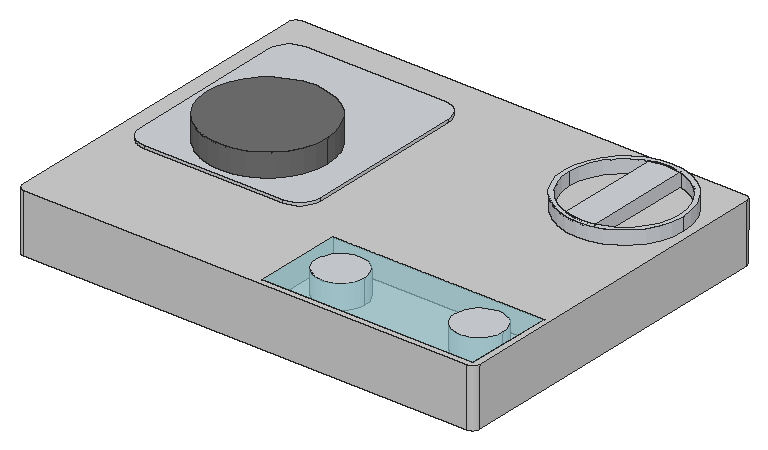
Revit family "Building-ConnessioniIEC309-GEWISS-44IB-PRESE-INTERBLOCCATE_IP44_SENZA_FONDO_FUS", category Apparecchi elettrici, host Superficie, Revit 2019
Family settings
  Host = Superficie
  Mantenere orientamento annotazione = Sì
  Quota connettore circolare = Usa diametro
  Tipo di parte = Normale
  Taglio con vuoti quando caricato = No
  Condiviso = No
  Punto di calcolo locali = Sì
Parameters (values of type "GW66144 - PRESA BL.OR.S.F.3P+N+T 32A 500V 7H CBF")
  visibilita posizionamento 2d [instance] = yes
  simbolo acceso [instance] = yes
  oggetto in pianta [instance] = not(visibilita posizionamento 2d)  # no
  distanza_simbolo [instance] = 1 mm
  distanza dal piano [instance] = 10 mm
  W = 115 mm  # constant formula
  Voltaggio = 0 V
  Versione file RFA = "21.4"
  VETRO = Vetro
  URL = "https://www.gewiss.com/it/it"
  Tipologia = "Orizzontale"
  Termopressione con biglia = "125 °C"
  Tensione nominale = "480-500V"
  Temperatura di utilizzo = "-25 +40 °C"
  Temperatura di funzionamento = "-25 ÷ +40 °C"
  Spostamento_effettivo_S [instance] = 4000 mm - Spostamento_S  # 3000 mm
  Spostamento_S = 1000 mm
  Simbolo circuito [instance] = not(simbolo acceso)  # no
  Scheda Tecnica = "https://www.gewiss.com/it/it/search?q=GW66144"
  STRUTTURA ALTA = blue
  STRUTTURA = RAL - 7035
  SEO = "Presa"
  Riferimento h = "7"
  Resistenza agli urti = "IK08"
  Protezione = "Base portafusibile (CBF)"
  Default Elevation = 1219.2 mm
  Produttore = "GEWISS S.p.A."
  Potere di interruzione fusibili = "> 50 kA"
  PRESA = Giallo
  POMELLO = bianco
  Numero di poli = "3P+N+T"
  N.poli = 1
  N. poli = "3P+N+T"
  Modello = "GW66144"
  L = 155 mm  # constant formula
  Immagine tipo = IP44Fus.jpg
  IDT = "d594ee1e-5beb-4100-9b20-8b248744bc80"
  IDF = "20820749-807f-45a7-b37a-7863cab2ae49"
  Grado di protezione = "IP44"
  Glow wire test: = "850 °C (Parti attive) - 650 °C (Parti passive)"
  Glow Wire Test = "850 °C (Parti attive) - 650 °C (Parti passive)"
  Frequenza nominale (Hz) = "50/60 Hz"
  Frequenza = "50/60 Hz"
  FORMULA = 1000 mm * 1  # 1000 mm
  Descrizione = "PRESA BL.OR.S.F.3P+N+T 32A 500V 7H CBF"
  Creato da GEWISS S.p.A. = ""
  Corrente nominale (In) = "32"
  Corrente nominale (A) = "32"
  Con fondo = "No"
  Colore: = "Nero"
  Colore = "Nero"
  Codice Electrocod = "2220"
  Codice EAN = "8011564029507"
  Catalogo Serie = "44 IB"
  Catalogo = "BUILDING"
  COBie.Tagnumber = ""
  COBie.CreatedOn = ""
  COBie.CreatebBy = ""
  COBie.ComponentRegisterItemID = ""
  COBie.Component.TagNumber = ""
  COBie.Component.Space = ""
  COBie.Component.SerialNumber = ""
  COBie.Component.InstallationDate = ""
  COBie.Component.Description = ""
  COBie.Component.BarCode = ""
  Base portafusibile = "gG"
  BLOCCO = "B=C"
Types (22, lengths in mm): name | Tensione nominale | Scheda Tecnica | Riferimento h | Numero di poli | N. poli | Modello | IDT | Descrizione | Corrente nominale (In) | Corrente nominale (A) | Colore: | Colore | Codice EAN | Base portafusibile
  GW66123 - PRESA BL.OR.S.F.2P+T 16A 110V 4H CBF | "100-130V" | "https://www.gewiss.com/it/it/search?q=GW66123" | "4" | "2P+T" | "2P+T" | "GW66123" | "d865181a-db6f-4733-a7f4-ee1a884c36ac" | "PRESA BL.OR.S.F.2P+T 16A 110V 4H CBF" | "16" | "16" | "Giallo" | "Giallo" | "8011564029293" | "E14"
  GW66124 - PRESA BL.OR.S.F.3P+T 16A 110V 4H CBF | "100-130V" | "https://www.gewiss.com/it/it/search?q=GW66124" | "4" | "3P+T" | "3P+T" | "GW66124" | "ba8cc6a1-6464-4a92-bec3-a971aebed9c9" | "PRESA BL.OR.S.F.3P+T 16A 110V 4H CBF" | "16" | "16" | "Giallo" | "Giallo" | "8011564029309" | "E14"
  GW66125 - PRESA BL.OR.S.F.3P+N+T 16A 110V 4H CBF | "100-130V" | "https://www.gewiss.com/it/it/search?q=GW66125" | "4" | "3P+N+T" | "3P+N+T" | "GW66125" | "780a1870-7141-4bca-a64a-31ce98675e8f" | "PRESA BL.OR.S.F.3P+N+T 16A 110V 4H CBF" | "16" | "16" | "Giallo" | "Giallo" | "8011564029316" | "E14"
  GW66126 - PRESA BL.OR.S.F.2P+T 16A 230V 6H CBF | "200-250V" | "https://www.gewiss.com/it/it/search?q=GW66126" | "6" | "2P+T" | "2P+T" | "GW66126" | "e4e375a5-ace5-484a-9d3f-762b819f9489" | "PRESA BL.OR.S.F.2P+T 16A 230V 6H CBF" | "16" | "16" | "Blu" | "Blu" | "8011564029323" | "E14"
  GW66127 - PRESA BL.OR.S.F.3P+T 16A 230V 9H CBF | "200-250V" | "https://www.gewiss.com/it/it/search?q=GW66127" | "9" | "3P+T" | "3P+T" | "GW66127" | "27e9ce2b-8455-460f-96e0-f57ed8d9a4a8" | "PRESA BL.OR.S.F.3P+T 16A 230V 9H CBF" | "16" | "16" | "Blu" | "Blu" | "8011564029330" | "E14"
  GW66128 - PRESA BL.OR.S.F.3P+N+T 16A 230V 9H CBF | "200-250V" | "https://www.gewiss.com/it/it/search?q=GW66128" | "9" | "3P+N+T" | "3P+N+T" | "GW66128" | "a443fdd3-9bf4-4279-82a0-fdacf7472c05" | "PRESA BL.OR.S.F.3P+N+T 16A 230V 9H CBF" | "16" | "16" | "Blu" | "Blu" | "8011564029347" | "E14"
  GW66129 - PRESA BL.OR.S.F.2P+T 16A 400V 9H CBF | "380-415V" | "https://www.gewiss.com/it/it/search?q=GW66129" | "9" | "2P+T" | "2P+T" | "GW66129" | "60379017-f275-4d69-bc77-8d432f6c908f" | "PRESA BL.OR.S.F.2P+T 16A 400V 9H CBF" | "16" | "16" | "Rosso" | "Rosso" | "8011564029354" | "E14"
  GW66130 - PRESA BL.OR.S.F.3P+T 16A 400V 6H CBF | "380-415V" | "https://www.gewiss.com/it/it/search?q=GW66130" | "6" | "3P+T" | "3P+T" | "GW66130" | "626ce0a9-565f-4e2d-a121-3c0070c761b2" | "PRESA BL.OR.S.F.3P+T 16A 400V 6H CBF" | "16" | "16" | "Rosso" | "Rosso" | "8011564029361" | "E14"
  GW66131 - PRESA BL.OR.S.F.3P+N+T 16A 400V 6H CBF | "380-415V" | "https://www.gewiss.com/it/it/search?q=GW66131" | "6" | "3P+N+T" | "3P+N+T" | "GW66131" | "f0238afb-2289-4400-b44b-e1221a362020" | "PRESA BL.OR.S.F.3P+N+T 16A 400V 6H CBF" | "16" | "16" | "Rosso" | "Rosso" | "8011564029378" | "E14"
  GW66132 - PRESA BL.OR.S.F.3P+T 16A 500V 7H CBF | "480-500V" | "https://www.gewiss.com/it/it/search?q=GW66132" | "7" | "3P+T" | "3P+T" | "GW66132" | "02a3db47-bfc7-4908-b6d0-5a2c496df560" | "PRESA BL.OR.S.F.3P+T 16A 500V 7H CBF" | "16" | "16" | "Nero" | "Nero" | "8011564029385" | "gG"
  GW66133 - PRESA BL.OR.S.F.3P+N+T 16A 500V 7H CBF | "480-500V" | "https://www.gewiss.com/it/it/search?q=GW66133" | "7" | "3P+N+T" | "3P+N+T" | "GW66133" | "05d95da2-3f60-4d1d-95d9-5079e33acc79" | "PRESA BL.OR.S.F.3P+N+T 16A 500V 7H CBF" | "16" | "16" | "Nero" | "Nero" | "8011564029392" | "gG"
  GW66134 - PRESA BL.OR.S.F.2P+T 32A 110V 4H CBF | "100-130V" | "https://www.gewiss.com/it/it/search?q=GW66134" | "4" | "2P+T" | "2P+T" | "GW66134" | "55c611ab-fc5f-45bb-83d3-7ac72e4d1a5f" | "PRESA BL.OR.S.F.2P+T 32A 110V 4H CBF" | "32" | "32" | "Giallo" | "Giallo" | "8011564029408" | "E18"
  GW66135 - PRESA BL.OR.S.F.3P+T 32A 110V 4H CBF | "100-130V" | "https://www.gewiss.com/it/it/search?q=GW66135" | "4" | "3P+T" | "3P+T" | "GW66135" | "f273748a-626d-457f-a7f8-4a647b34e61b" | "PRESA BL.OR.S.F.3P+T 32A 110V 4H CBF" | "32" | "32" | "Giallo" | "Giallo" | "8011564029415" | "E18"
  GW66136 - PRESA BL.OR.S.F.3P+N+T 32A 110V 4H CBF | "100-130V" | "https://www.gewiss.com/it/it/search?q=GW66136" | "4" | "3P+N+T" | "3P+N+T" | "GW66136" | "02324301-823f-47d2-bdfc-f335b4377400" | "PRESA BL.OR.S.F.3P+N+T 32A 110V 4H CBF" | "32" | "32" | "Giallo" | "Giallo" | "8011564029422" | "E18"
  GW66137 - PRESA BL.OR.S.F.2P+T 32A 230V 6H CBF | "200-250V" | "https://www.gewiss.com/it/it/search?q=GW66137" | "6" | "2P+T" | "2P+T" | "GW66137" | "d60d6951-15fe-4860-bfa8-1e7b4dfc9a13" | "PRESA BL.OR.S.F.2P+T 32A 230V 6H CBF" | "32" | "32" | "Blu" | "Blu" | "8011564029439" | "E18"
  GW66138 - PRESA BL.OR.S.F.3P+T 32A 230V 9H CBF | "200-250V" | "https://www.gewiss.com/it/it/search?q=GW66138" | "9" | "3P+T" | "3P+T" | "GW66138" | "7e39b0d5-9697-4710-ad08-14052aaa1030" | "PRESA BL.OR.S.F.3P+T 32A 230V 9H CBF" | "32" | "32" | "Blu" | "Blu" | "8011564029446" | "E18"
  GW66139 - PRESA BL.OR.S.F.3P+N+T 32A 230V 9H CBF | "200-250V" | "https://www.gewiss.com/it/it/search?q=GW66139" | "9" | "3P+N+T" | "3P+N+T" | "GW66139" | "7be2307e-add9-4018-be24-103bc8ff07f7" | "PRESA BL.OR.S.F.3P+N+T 32A 230V 9H CBF" | "32" | "32" | "Blu" | "Blu" | "8011564029453" | "E18"
  GW66140 - PRESA BL.OR.S.F.2P+T 32A 400V 9H CBF | "380-415V" | "https://www.gewiss.com/it/it/search?q=GW66140" | "9" | "2P+T" | "2P+T" | "GW66140" | "da9a0dd5-dbfc-4347-8c85-6acd15e5a295" | "PRESA BL.OR.S.F.2P+T 32A 400V 9H CBF" | "32" | "32" | "Rosso" | "Rosso" | "8011564029460" | "E18"
  GW66141 - PRESA BL.OR.S.F.3P+T 32A 400V 6H CBF | "380-415V" | "https://www.gewiss.com/it/it/search?q=GW66141" | "6" | "3P+T" | "3P+T" | "GW66141" | "d1dcc1e9-ce0b-4fca-a15c-cdb788cca326" | "PRESA BL.OR.S.F.3P+T 32A 400V 6H CBF" | "32" | "32" | "Rosso" | "Rosso" | "8011564029477" | "E18"
  GW66142 - PRESA BL.OR.S.F.3P+N+T 32A 400V 6H CBF | "380-415V" | "https://www.gewiss.com/it/it/search?q=GW66142" | "6" | "3P+N+T" | "3P+N+T" | "GW66142" | "b4ab6ff6-c865-4da7-8c3e-7eee63859023" | "PRESA BL.OR.S.F.3P+N+T 32A 400V 6H CBF" | "32" | "32" | "Rosso" | "Rosso" | "8011564029484" | "E18"
  GW66143 - PRESA BL.OR.S.F.3P+T 32A 500V 7H CBF | "480-500V" | "https://www.gewiss.com/it/it/search?q=GW66143" | "7" | "3P+T" | "3P+T" | "GW66143" | "6257d119-5bf8-4505-9e73-2c5024973be1" | "PRESA BL.OR.S.F.3P+T 32A 500V 7H CBF" | "32" | "32" | "Nero" | "Nero" | "8011564029491" | "gG"
  GW66144 - PRESA BL.OR.S.F.3P+N+T 32A 500V 7H CBF | "480-500V" | "https://www.gewiss.com/it/it/search?q=GW66144" | "7" | "3P+N+T" | "3P+N+T" | "GW66144" | "d594ee1e-5beb-4100-9b20-8b248744bc80" | "PRESA BL.OR.S.F.3P+N+T 32A 500V 7H CBF" | "32" | "32" | "Nero" | "Nero" | "8011564029507" | "gG"
Reference planes
  plane 1 "Centro (Fronte/Retro)": y = 0
  plane 2: z = 0
  plane 3 "Centro (Sinistra/Destra)": x = 0
  plane 4: x = -3000
  plane 5: x = 0
  plane 6: through (-313.07, 66.247, 1219.2) normal (0.9397, -0.342, 0)
  plane 7: through (-499.796, -177.063, 1219.2) normal (0.342, 0.9397, 0)
  plane 8: through (528.128, 342.051, 1219.2) normal (0.9397, -0.342, 0)
  plane 9: x = -77.5
  plane 10: x = 77.5
  plane 11: y = -57.5
  plane 12: y = 57.5
  plane 13: z = 10
Forms (mm)
  Extrusion 1, solid, detail levels coarse
    sketch origin (-117, 0, 0) x (1, 0, 0) y (0, 1, 0)
      loop
        line (5.324, 72.25) -> (5.324, -72.25) -> (195.824, -72.25) -> (195.824, 72.25) -> (5.324, 72.25)
    from 10 to 44.5
Lines and regions (mm)
  symbolic lines, visible <- "visibilita posizionamento 2d"
    curve 1: line (-111.676, 0, 10) -> (-111.676, 0, 33.544)
    curve 2: line (-111.676, 0, 33.544) -> (81.574, 0, 33.544)
    curve 3: line (81.574, 0, 33.544) -> (81.574, 0, 10)
  symbolic lines, visible <- "visibilita posizionamento 2d", not visible
    curve 4: line (-111.676, 0, 63.456) -> (-111.676, 0, 87)
    curve 5: line (-111.676, 0, 87) -> (81.574, 0, 87)
    curve 6: line (81.574, 0, 87) -> (81.574, 0, 63.456)
  symbolic lines
    curve 7: line (-111.676, 0, 10) -> (81.574, 0, 10)
  symbolic lines, not visible
    curve 8: line (-111.676, 0, 63.456) -> (81.574, 0, 63.456)
Text (mm)
  text "B=C*D" at (190.064, 99.613, 0), in view "Livello rif."
Dimensions and locks
  plane 4 to plane 3 "Centro (Sinistra/Destra)" = 3000 mm
  "Spostamento_effettivo_S": plane 4 to plane 5
  equal spacing: plane 9, plane 3 "Centro (Sinistra/Destra)", plane 10
  equal spacing: plane 12, plane 1 "Centro (Fronte/Retro)", plane 11
  "L": plane 9 to plane 10
  "W": plane 12 to plane 11
  "distanza dal piano": plane 13 to plane 2
  angle plane 6 to plane 5 = 20.00°
  angle plane 7 to plane 1 "Centro (Fronte/Retro)" = 20.00°
  angle plane 8 to plane 7 = 90.00°
  aligned and locked: plane 2 to host face
  aligned and locked: level to host face
  aligned and locked: nested 1 to plane 5
  aligned and locked: plane 1 "Centro (Fronte/Retro)" to nested 2
  aligned and locked: Extrusion 1 to plane 13
  aligned and locked: plane 5 to nested 3
  aligned and locked: plane 3 "Centro (Sinistra/Destra)" to nested 2
  aligned and locked: Extrusion 1 to nested 2  (x5)
  aligned and locked: Extrusion 1 to curve 7
  aligned and locked: curve 1 to Extrusion 1
  aligned and locked: curve 3 to nested 2
Automatic sketch dimensions
  host sketch curve to host sketch curve = 2438.4 mm  (x2)
  Extrusion 1 sketch curve to plane 3 "Centro (Sinistra/Destra)" = 111.676 mm
  plane 3 "Centro (Sinistra/Destra)" to Extrusion 1 sketch curve = 78.824 mm
  plane 1 "Centro (Fronte/Retro)" to Extrusion 1 sketch curve = 72.25 mm
  Extrusion 1 sketch curve to plane 1 "Centro (Fronte/Retro)" = 72.25 mm
  curve 3 to curve 2 = 23.544 mm
  curve 6 to curve 5 = 23.544 mm
  curve 1 to curve 3 = 193.25 mm
  curve 4 to curve 6 = 193.25 mm
Nested families
  nested 1: "PRESAINDPFUS" at (0, 247.795, 0), SIMBOLO ACCESO <- "simbolo acceso", Distanza dal muro <- "distanza_simbolo", visible <- "simbolo acceso", type "3P"
    with SIMBOLO ACCESO yes, Distanza dal muro 1 mm, BORDO ACCESO yes
  nested 2: "base_IB PRESE INTERBLOC portaf ORIZ.rfa_no fondo" at (-16.426, 0, 10), type "base_IB PRESE INTERBLOC portaf ORIZ.rfa_no fondo", detail levels medium+fine
  nested 3: "simbolo_circuitoGW66201N" at (0.924, 249.682, 0), Distanza dal muro <- "distanza_simbolo", visible <- "Simbolo circuito", type "3P"
    with SIMBOLO ACCESO yes, Distanza dal muro 1 mm, BORDO ACCESO yes
Connectors
  electrical at (-16.426, -72.25, 27.25), driven by "N.poli", driven by "Voltaggio"
    settings: on Extrusion 1, index 1, voltage 0 V, apparent load 0 VA, apparent load phase1 0 VA, apparent load phase2 0 VA, apparent load phase3 0 VA, power factor 1, load classification "Altro", number of poles 1, system type 31, power factor state 1, is connector primary yes, connector utility no, sub classification motor no, connector description ""
Definition of nested family "base_IB PRESE INTERBLOC portaf ORIZ.rfa_no fondo"
  Parameters (values of type "base_IB PRESE INTERBLOC portaf ORIZ.rfa_no fondo")
    Vetro = none
    Struttura = none
    Spessore = 160 mm
    Default Elevation = 14 mm
    Presa = none
    Lunghezza = 196 mm  # constant formula
    IFC.TypeObject = ""
    IFC.ExportType = ""
    IFC.ExportAs = ""
    H_da terra = 586.883 mm
    COBie.CreatedOn = ""
    COBie.CreatebBy = ""
    COBie.ComponentRegisterItemID = ""
    COBie.Component.TagNumber = ""
    COBie.Component.Space = ""
    COBie.Component.SerialNumber = ""
    COBie.Component.InstallationDate = ""
    COBie.Component.Description = ""
    COBie.Component.BarCode = ""
    Altezza = 150 mm  # constant formula
  Reference planes
    plane 1 "Centro (Fronte/Retro)": y = 0
    plane 2: z = 0
    plane 3 "Centro (Sinistra/Destra)": x = 0
    plane 4: z = 34.5
    plane 5: x = -95.25
    plane 6: x = -98
    plane 7: x = 95.25
    plane 8: x = 98
    plane 9: y = 75
    plane 10: y = -75
    plane 11: x = -65.25
    plane 12: z = 0
    plane 13: z = 25.133
    plane 14: z = 24
    plane 15: y = 58.289
    plane 16: x = 93
    plane 17: y = -32.96
    plane 18: x = 5
    plane 19: y = -70
    plane 20: z = 14.218
    plane 21: y = -43.532
    plane 22: x = 16.426
    plane 23: x = 85.968
    plane 24: z = 9.75
    plane 25: z = 27.604
  Forms (mm)
    Extrusion 1, solid, material <- "Struttura"
      sketch origin (0, -661.883, 0) x (1, 0, 0) y (0, 1, 0)
        loop
          line (-95.25, 731.134) -> (-95.25, 592.633)
          arc (-95.25, 592.633) -> (-94.372, 590.512) -> (-92.251, 589.633) r 3
          line (-92.251, 589.633) -> (92.251, 589.633)
          arc (92.251, 589.633) -> (94.372, 590.512) -> (95.25, 592.633) r 3
          line (95.25, 592.633) -> (95.25, 731.134)
          arc (95.25, 731.134) -> (94.372, 733.255) -> (92.251, 734.133) r 3
          line (92.251, 734.133) -> (-92.251, 734.133)
          arc (-92.251, 734.133) -> (-94.372, 733.255) -> (-95.25, 731.134) r 3
      from 0 to 24
    Extrusion 2, solid
      sketch origin (15.707, -661.98, 0) x (1, 0, 0) y (0, 1, 0)
        loop
          circle (51.251, 703.105) r 24.739
        loop
          circle (51.251, 703.105) r 22.94
      from 24 to 29.5
    Extrusion 3, solid
      sketch origin (14.421, -653.184, 0) x (1, 0, 0) y (0, 1, 0)
        loop
          arc (45.579, 672.45) -> (51.85, 671.379) -> (58.173, 672.073) r 22.94
          line (58.173, 672.073) -> (58.173, 716.546)
          arc (58.173, 716.546) -> (51.85, 717.239) -> (45.579, 716.168) r 22.94
          line (45.579, 716.168) -> (45.579, 672.45)
      from 24 to 29.5
    Extrusion 4, solid
      sketch origin (-22.5, -674.005, 0) x (1, 0, 0) y (0, 1, 0)
        loop
          line (9.483, 657.084) -> (9.521, 723.465)
          arc (9.521, 723.465) -> (6.935, 729.709) -> (0.692, 732.295) r 8.829
          line (0.692, 732.295) -> (-56.711, 732.295)
          arc (-56.711, 732.295) -> (-62.749, 729.794) -> (-65.25, 723.756) r 8.539
          line (-65.25, 723.756) -> (-65.25, 656.898)
          arc (-65.25, 656.898) -> (-62.73, 650.814) -> (-56.647, 648.294) r 8.604
          line (-56.647, 648.294) -> (0.692, 648.294)
          arc (0.692, 648.294) -> (6.908, 650.868) -> (9.483, 657.084) r 8.791
      from 24 to 25.133
    Extrusion 5, solid, material <- "Presa"
      sketch origin (-22.5, -652.755, 0) x (1, 0, 0) y (0, 1, 0)
        loop
          circle (-27.977, 655.044) r 25
      from 24 to 34.5
    Extrusion 6, void
      sketch origin (0, 0, 0) x (1, 0, 0) y (0, 1, 0)
        loop
          line (5, -70) -> (93, -70) -> (93, -32.96) -> (5, -32.96) -> (5, -70)
      from 14.218 to 24
    Extrusion 7, solid
      sketch origin (0, 0, 0) x (1, 0, 0) y (0, 1, 0)
        loop
          line (5, -70) -> (93, -70) -> (93, -32.96) -> (5, -32.96) -> (5, -70)
      from 9.75 to 24
    Extrusion 8, solid
      sketch origin (0, 0, 0) x (1, 0, 0) y (0, 1, 0)
        loop
          circle (20.176, -47.907) r 10
        loop
          circle (77.824, -47.907) r 10
      from 24 to 9.75
  Cuts and joins
    Extrusion 6 cuts Extrusion 1
  Dimensions and locks
    locked: plane 6 to plane 5 at 2.75
    locked: plane 7 to plane 8 at 2.75
    "Lunghezza": plane 6 to plane 8
    equal spacing: plane 10, plane 1 "Centro (Fronte/Retro)", plane 9
    equal spacing: plane 6, plane 3 "Centro (Sinistra/Destra)", plane 8
    plane 12 to level = 0 mm
    plane 18 to plane 16 = 88 mm
    plane 17 to plane 19 = 37.04 mm
    locked: plane 16 to plane 8 at 5
    locked: plane 10 to plane 19 at 5
    "Altezza": plane 10 to plane 9
    locked: plane 13 to plane 25 at 2.471
    plane 12 to plane 20 = 14.218 mm
    locked: plane 20 to plane 14 at 9.782
    locked: plane 14 to plane 13 at 1.133
    plane 12 to plane 14 = 24 mm
    locked: plane 12 to plane 4 at 34.5
    locked: plane 4 to plane 25 at 6.896
    locked: plane 4 to Extrusion 2 at 5
    locked: plane 24 to plane 20 at 4.468
    aligned and locked: level to plane 2
    aligned and locked: Extrusion 2 to Extrusion 1
    aligned and locked: Extrusion 4 to plane 15
    aligned and locked: Extrusion 6 sketch curve to plane 18
    aligned and locked: Extrusion 6 sketch curve to plane 17
    aligned and locked: Extrusion 6 sketch curve to plane 16
    aligned and locked: Extrusion 6 sketch curve to plane 19
    aligned and locked: Extrusion 2 to Extrusion 6
    aligned and locked: plane 20 to cut or joined group of Extrusion 1, Extrusion 6
    aligned and locked: Extrusion 7 sketch curve to plane 18
    aligned and locked: Extrusion 7 sketch curve to plane 19
    aligned and locked: Extrusion 7 sketch curve to plane 17
    aligned and locked: Extrusion 7 sketch curve to plane 16
    aligned and locked: Extrusion 7 to plane 14
    aligned and locked: Extrusion 3 sketch curve to Extrusion 2  (x2)
    aligned and locked: plane 24 to Extrusion 7
    aligned and locked: Extrusion 8 to plane 24
    aligned and locked: plane 14 to Extrusion 4
    aligned and locked: plane 14 to Extrusion 5
    aligned and locked: plane 14 to Extrusion 3
    aligned and locked: Extrusion 4 to plane 13
    aligned and locked: plane 12 to cut or joined group of Extrusion 1, Extrusion 6
    aligned and locked: cut or joined group of Extrusion 1, Extrusion 6 to plane 14
    aligned and locked: Extrusion 8 to plane 14
    aligned and locked: plane 4 to Extrusion 5
    aligned and locked: Extrusion 2 to Extrusion 3
  Automatic sketch dimensions
    Extrusion 1 sketch curve to plane 5 = 0 mm
    Extrusion 1 sketch curve to plane 7 = 0 mm
    Extrusion 1 sketch curve to plane 5 = 3 mm  (x2)
    Extrusion 1 sketch curve to Extrusion 1 sketch curve = 3 mm
    plane 7 to Extrusion 1 sketch curve = 3 mm
    Extrusion 1 sketch curve to plane 10 = 2.75 mm
    plane 9 to Extrusion 1 sketch curve = 5.749 mm
    Extrusion 2 sketch curve to Extrusion 2 sketch curve = 0 mm  (x2)
    plane 7 to Extrusion 2 sketch curve = 28.292 mm
    plane 9 to Extrusion 2 sketch curve = 33.875 mm
    Extrusion 5 sketch curve to plane 1 "Centro (Fronte/Retro)" = 2.288 mm
    Extrusion 4 sketch curve to plane 11 = 22.5 mm
    Extrusion 4 sketch curve to plane 11 = 13.961 mm
    Extrusion 4 sketch curve to plane 11 = 13.896 mm
    Extrusion 4 sketch curve to plane 3 "Centro (Sinistra/Destra)" = 21.808 mm  (x2)
    Extrusion 4 sketch curve to Extrusion 4 sketch curve = 8.829 mm
    plane 1 "Centro (Fronte/Retro)" to Extrusion 4 sketch curve = 16.921 mm
    plane 1 "Centro (Fronte/Retro)" to Extrusion 4 sketch curve = 17.108 mm
    Extrusion 4 sketch curve to Extrusion 4 sketch curve = 0 mm
    Extrusion 5 sketch curve to plane 3 "Centro (Sinistra/Destra)" = 50.477 mm
    plane 15 to Extrusion 4 sketch curve = 0 mm
    Extrusion 3 sketch curve to plane 15 = 4.695 mm
    Extrusion 3 sketch curve to plane 15 = 5.072 mm
    Extrusion 8 sketch curve to plane 23 = 8.144 mm
    plane 22 to Extrusion 8 sketch curve = 3.75 mm
    Extrusion 8 sketch curve to plane 21 = 4.375 mm  (x2)
    radius of Extrusion 2 sketch curve = 24.739 mm
    radius of Extrusion 2 sketch curve = 22.94 mm
    radius of Extrusion 5 sketch curve = 25 mm
    radius of Extrusion 8 sketch curve = 10 mm  (x2)
Definition of nested family "PRESAINDPFUS"
  Parameters (values of type "2P")
    SIMBOLO ACCESO [instance] = yes
    SIMBOLO = PRESAINDPFUS_BASE : 2P
    Distanza dal muro [instance] = 0 mm
    BORDO ACCESO [instance] = yes
  Types (2, lengths in mm): name | SIMBOLO
    2P | PRESAINDPFUS_BASE : 2P
    3P | PRESAINDPFUS_BASE : 3P
  Reference planes
    plane 1: y = 0
    plane 2: x = 0
  Dimensions and locks
    "Distanza dal muro": plane 1 to nested 1
    aligned and locked: plane 2 to nested 1
  Nested families
    nested 1: "PRESAINDPFUS_BASE" at (0, 0, 0), type <- "SIMBOLO", CORNICE SIMBOLO <- "BORDO ACCESO", visible <- "SIMBOLO ACCESO", type "2P"
  Definition of nested family "PRESAINDPFUS_BASE"
    Parameters (values of type "3P")
      CORNICE SIMBOLO [instance] = yes
      3P = yes
    Types (2, lengths in mm): name | 3P
      3P | yes
      2P | no
    Reference planes
      plane 1: y = 0
      plane 2: x = 0
    Lines and regions (mm)
      detail lines, visible <- "CORNICE SIMBOLO"
        curve 1: line (-0.9, 2.4, 0) -> (0.9, 2.4, 0)
        curve 2: line (0.9, 2.4, 0) -> (0.9, 0.1, 0)
        curve 3: line (0.9, 0.1, 0) -> (-0.9, 0.1, 0)
        curve 4: line (-0.9, 0.1, 0) -> (-0.9, 2.4, 0)
      detail lines, not visible
        curve 5: line (-2.443, 10.208, 0) -> (2.057, 10.208, 0)
        curve 6: line (2.057, 10.208, 0) -> (2.057, 4.208, 0)
        curve 7: line (2.057, 4.208, 0) -> (-2.443, 4.208, 0)
        curve 8: line (-2.443, 4.208, 0) -> (-2.443, 10.208, 0)
        curve 9: line (-2.043, 9.808, 0) -> (1.657, 9.808, 0)
        curve 10: line (1.657, 9.808, 0) -> (1.657, 4.608, 0)
        curve 11: line (1.657, 4.608, 0) -> (-2.043, 4.608, 0)
        curve 12: line (-2.043, 4.608, 0) -> (-2.043, 9.808, 0)
      detail lines
        curve 13: line (-0.45, 1.069, 0) -> (-0.167, 1.069, 0)
        curve 14: line (-0.167, 1.069, 0) -> (0.33, 1.929, 0)
        curve 15: line (0.33, 1.929, 0) -> (0.836, 1.636, 0)
        curve 16: line (-0.167, 1.069, 0) -> (-0.45, 0.578, 0)
        curve 17: line (-0.45, 0.578, 0) -> (-0.45, 2.341, 0)
        curve 18: line (0.135, 1.591, 0) -> (0.641, 1.299, 0)
        curve 19: line (-0.84, 0.578, 0) -> (-0.06, 0.578, 0)
        curve 20: line (-0.45, 0.952, 0) -> (-0.333, 1.069, 0)
        curve 21: line (-0.45, 0.883, 0) -> (-0.264, 1.069, 0)
        curve 22: line (-0.45, 0.814, 0) -> (-0.195, 1.069, 0)
        curve 23: line (-0.45, 0.745, 0) -> (-0.223, 0.972, 0)
        curve 24: line (-0.45, 0.676, 0) -> (-0.317, 0.809, 0)
        curve 26: arc (-0.84, 0.189, 0) -> (-0.45, 0.578, 0) -> (-0.06, 0.189, 0) r 0.39
        curve 27: line (-0.608, 1.243, 0) -> (-0.608, 2.064, 0)
        curve 28: line (-0.608, 2.064, 0) -> (-0.292, 2.064, 0)
        curve 29: line (-0.292, 2.064, 0) -> (-0.292, 1.243, 0)
        curve 30: line (-0.292, 1.243, 0) -> (-0.608, 1.243, 0)
      detail lines, visible <- "3P"
        curve 25: line (-0.06, 1.254, 0) -> (0.446, 0.961, 0)
Definition of nested family "simbolo_circuitoGW66201N"
  Parameters (values of type "3P")
    SIMBOLO ACCESO [instance] = yes
    SIMBOLO = PRESAINDSTAGNA_BASE : 3P
    Distanza dal muro [instance] = 0 mm
    BORDO ACCESO [instance] = yes
  Reference planes
    plane 1: y = 0
    plane 2: x = 0
  Dimensions and locks
    "Distanza dal muro": plane 1 to nested 1
    aligned and locked: plane 2 to nested 1
  Nested families
    nested 1: "GW66201N-simb_base_di circuito" at (0, 0, 0), visible <- "SIMBOLO ACCESO", type "3P"
      with CORNICE SIMBOLO yes
  Definition of nested family "GW66201N-simb_base_di circuito"
    Parameters (values of type "3P")
      CORNICE SIMBOLO [instance] = yes
      3P = yes
    Types (2, lengths in mm): name | 3P
      3P | yes
      2P | no
    Reference planes
      plane 1: y = 0
      plane 2: x = 0
    Lines and regions (mm)
      detail lines, not visible
        curve 1: line (-2.443, 10.208, 0) -> (2.057, 10.208, 0)
        curve 2: line (2.057, 10.208, 0) -> (2.057, 4.208, 0)
        curve 3: line (2.057, 4.208, 0) -> (-2.443, 4.208, 0)
        curve 4: line (-2.443, 4.208, 0) -> (-2.443, 10.208, 0)
        curve 5: line (-2.043, 9.808, 0) -> (1.657, 9.808, 0)
        curve 6: line (1.657, 9.808, 0) -> (1.657, 4.608, 0)
        curve 7: line (1.657, 4.608, 0) -> (-2.043, 4.608, 0)
        curve 8: line (-2.043, 4.608, 0) -> (-2.043, 9.808, 0)
    Dimensions and locks
      aligned and locked: import instance to plane 2
      aligned and locked: plane 1 to import instance
